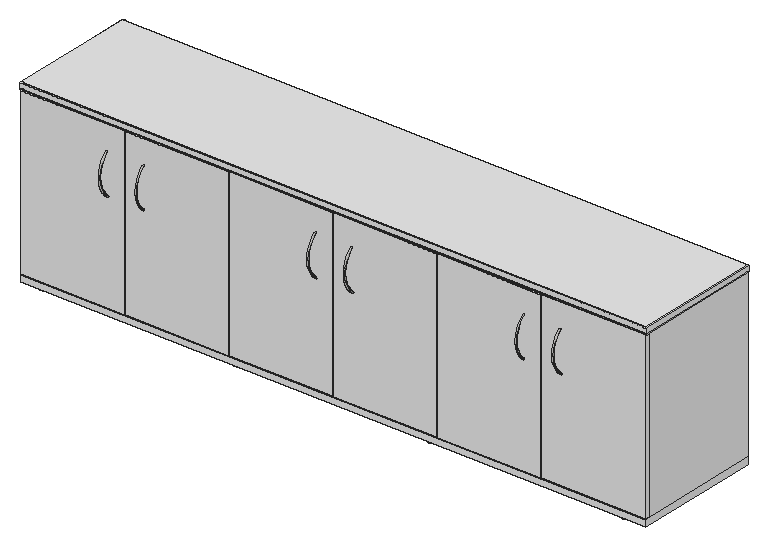
Revit family "Furniture_Storage_Spacestor_Forte Credenza", category Generic Models, Revit 2015
Parameters (values of type "6-door - 2442w x 500d x 700h")
  Width = if([3 door], (814 mm * Door Number + 407 mm), (814 mm * Door Number))  # 2442 mm
  Spacestor_Forte Credenza_Handle = Spacestor Polished Steel
  Spacestor_Forte Credenza_Foot = Spacestor Gray Plastic
  Spacestor_Forte Credenza_Casework = Spacestor White
  Foot Number = Door Number + 1  # 4
  Foot Centres = if(([3 door]), 1106 mm, (if(Door Number = 1, 700 mm, 758 mm)))  # 758 mm
  Door Number = 3
  3 door = no
Types (4, lengths in mm): name | Width | Spacestor_Forte Credenza_Handle | Spacestor_Forte Credenza_Foot | Foot Number | Foot Centres | Door Number | 3 door
  2-door - 814w x 500d x 700h | 814 | none | none | 2 | 700 | 1 | no
  4-door - 1628w x 500d x 700h | 1628 | none | none | 3 | 758 | 2 | no
  6-door - 2442w x 500d x 700h | 2442 | Spacestor Polished Steel | Spacestor Gray Plastic | 4 | 758 | 3 | no
  3-door - 1220w x 500d x 700h | 1221 | none | none | 2 | 1106 | 1 | yes
Reference planes
  plane 1 "Center (Front/Back)": y = 0
  plane 2: z = 0
  plane 3 "Center (Left/Right)": x = 0
Lines and regions (mm)
  Masking region 1, detail levels coarse+medium
    outline origin (0, 0, 0) x (1, 0, 0) y (0, 1, 0)
      loop
        line (-0.004, -0.004) -> (2442.004, -0.004) -> (2442.004, 494.004) -> (-0.004, 494.004) -> (-0.004, -0.004)
Dimensions and locks
  locked: nested 1 to nested 2 at 3
  locked: nested 2 to plane 3 "Center (Left/Right)" at 1.5
  nested 1 to nested 3 = 60 mm
  aligned and locked: level to plane 2
  aligned and locked: Masking region 1 sketch curve to nested 1  (x4)
Nested families
  nested 1: "Furniture_Storage_Spacestor_Forte Credenza - Cupboard Section" at (0, 0, 22), type "Furniture_Storage_Spacestor_Forte Credenza - Cupboard Section"
  nested 2: "Furniture_Storage_Spacestor_Forte Credenza - Door Assy" at (1.5, -2, 50), type "Furniture_Storage_Spacestor_Forte Credenza - Door Assy"
  nested 3: "Family11" at (0, 0, 0), type "Family11"
Definition of nested family "Furniture_Storage_Spacestor_Forte Credenza - Cupboard Section"
  Parameters (values of type "Furniture_Storage_Spacestor_Forte Credenza - Cupboard Section")
    Width = 2442 mm
    Top Width = Width + 4 mm  # 2446 mm
    Top Depth = Depth + 2 mm  # 498 mm
    Spacestor White = none
    Side Depth = Depth - 16 mm  # 480 mm
    Depth = 496 mm
  Reference planes
    plane 1 "Center (Front/Back)": y = 0
    plane 2: z = 0
    plane 3 "Center (Left/Right)": x = 0
  Dimensions and locks
    locked: nested 3 to nested 1
    locked: nested 2 to nested 3
    nested 3 to plane 3 "Center (Left/Right)" = 2 mm
    nested 3 to plane 1 "Center (Front/Back)" = 2 mm
    aligned and locked: level to plane 2
  Nested families
    nested 1: "Furniture_Storage_Spacestor_Forte Credenza - Side+Back" at (0, 16, 25), type "Furniture_Storage_Spacestor_Forte Credenza - Side+Back"
    nested 2: "Furniture_Storage_Spacestor_Forte Credenza - Base" at (0, 0, 0), type "Furniture_Storage_Spacestor_Forte Credenza - Base"
    nested 3: "Furniture_Storage_Spacestor_Forte Credenza - Top" at (-2, -2, 673), type "Furniture_Storage_Spacestor_Forte Credenza - Top"
  Definition of nested family "Furniture_Storage_Spacestor_Forte Credenza - Side+Back"
    Parameters (values of type "Furniture_Storage_Spacestor_Forte Credenza - Side+Back")
      Width = 2442 mm
      Spacestor White = none
      Height = 1140 mm
      Depth = 480 mm
    Reference planes
      plane 1 "Center (Front/Back)": y = 0
      plane 2: z = 0
      plane 3 "Center (Left/Right)": x = 0
    Forms (mm)
      Extrusion 1, solid, material <- "Spacestor White"
        sketch origin (0, 0, 0) x (1, 0, 0) y (0, 1, 0)
          loop
            line (0, 0) -> (18, 0) -> (18, 462) -> (2424, 462) -> (2424, 0) -> (2442, 0) -> (2442, 480) -> (0, 480) -> (0, 0)
        from 0 to 648
    Dimensions and locks
      locked: Extrusion 1 sketch curve to Extrusion 1 sketch curve at 18  (x3)
      "Depth": plane 1 "Center (Front/Back)" to Extrusion 1 sketch curve
      "Width": plane 3 "Center (Left/Right)" to Extrusion 1 sketch curve
      aligned and locked: level to plane 2
    Automatic sketch dimensions
      Extrusion 1 sketch curve to plane 3 "Center (Left/Right)" = 0 mm
      plane 1 "Center (Front/Back)" to Extrusion 1 sketch curve = 0 mm  (x2)
  Definition of nested family "Furniture_Storage_Spacestor_Forte Credenza - Base"
    Parameters (values of type "Furniture_Storage_Spacestor_Forte Credenza - Base")
      Width = 2442 mm
      Spacestor White = none
      Depth = 496 mm
    Reference planes
      plane 1 "Center (Front/Back)": y = 0
      plane 2: z = 0
      plane 3 "Center (Left/Right)": x = 0
    Forms (mm)
      Extrusion 1, solid, material <- "Spacestor White"
        sketch origin (0, 0, 0) x (1, 0, 0) y (0, 1, 0)
          loop
            line (0, 0) -> (2442, 0) -> (2442, 496) -> (0, 496) -> (0, 0)
        from 0 to 25
    Dimensions and locks
      "Width": plane 3 "Center (Left/Right)" to Extrusion 1 sketch curve
      "Depth": plane 1 "Center (Front/Back)" to Extrusion 1 sketch curve
      aligned and locked: level to plane 2
    Automatic sketch dimensions
      Extrusion 1 sketch curve to plane 3 "Center (Left/Right)" = 0 mm
      plane 1 "Center (Front/Back)" to Extrusion 1 sketch curve = 0 mm
  Definition of nested family "Furniture_Storage_Spacestor_Forte Credenza - Top"
    Parameters (values of type "Furniture_Storage_Spacestor_Forte Credenza - Top")
      Width = 2446 mm
      Spacestor White = none
      Depth = 498 mm
    Reference planes
      plane 1 "Center (Front/Back)": y = 0
      plane 2: z = 0
      plane 3 "Center (Left/Right)": x = 0
    Forms (mm)
      Extrusion 1, solid, material <- "Spacestor White"
        sketch origin (0, 0, 0) x (1, 0, 0) y (0, 1, 0)
          loop
            line (0, 0) -> (2446, 0) -> (2446, 498) -> (0, 498) -> (0, 0)
        from 0 to 25
      Sweep 2, void
        path in 3D
          loop
            line (0, 498, 25) -> (0, 0, 25) -> (2446, 0, 25) -> (2446, 498, 25) -> (0, 498, 25)
        profile origin (1223, 498, 25) x (0, -1, 0) y (0, 0, 1)
          loop
            line (0, -23) -> (0, -25) -> (2, -25)
            arc (2, -25) -> (0.586, -24.414) -> (0, -23) r 2
          loop
            line (2, 0) -> (0, 0) -> (0, -2)
            arc (0, -2) -> (0.586, -0.586) -> (2, 0) r 2
    Cuts and joins
      Sweep 2 cuts Extrusion 1
    Lines and regions (mm)
      sketch lines
        curve 1: line (2446, 498, 25) -> (0, 498, 25)
        curve 2: line (0, 498, 25) -> (0, 0, 25)
        curve 3: line (0, 0, 25) -> (2446, 0, 25)
        curve 4: line (2446, 0, 25) -> (2446, 498, 25)
    Dimensions and locks
      "Width": plane 3 "Center (Left/Right)" to Extrusion 1 sketch curve
      "Depth": plane 1 "Center (Front/Back)" to Extrusion 1 sketch curve
      aligned and locked: level to plane 2
    Automatic sketch dimensions
      Sweep 2 sketch curve to profile plane = 0 mm  (x6)
      Sweep 2 sketch curve to profile plane = 2 mm  (x2)
      Sweep 2 sketch curve to Sweep 2 sketch curve = 21 mm
      Sweep 2 sketch curve to Sweep 2 sketch curve = 0 mm  (x4)
      Sweep 2 sketch curve to Sweep 2 sketch curve = 2 mm
      Extrusion 1 sketch curve to plane 3 "Center (Left/Right)" = 0 mm
      plane 1 "Center (Front/Back)" to Extrusion 1 sketch curve = 0 mm
Definition of nested family "Furniture_Storage_Spacestor_Forte Credenza - Door Assy"
  Parameters (values of type "Furniture_Storage_Spacestor_Forte Credenza - Door Assy")
    Spacestor_Forte Credenza_Handle = none
    Spacestor White = none
    Door Width = 404 mm
    Door Single = Door Number < 2  # no
    Door Number Data = if(Door Number < 2, 2, Door Number)  # 3
    Door Number = 3
    Door Multi = Door Number > 1  # yes
    Door Height = 642 mm
    3 Door = no
  Reference planes
    plane 1 "Center (Front/Back)": y = 0
    plane 2: z = 0
    plane 3 "Center (Left/Right)": x = 0
  Dimensions and locks
    locked: nested 1 to nested 2 at 3
    locked: nested 1 to plane 3 "Center (Left/Right)" at 0
    locked: nested 3 to nested 4 at 3
    equal spacing: group 1, group 2, group 3  (x3)
    locked: nested 5 to nested 6 at 3
    locked: nested 8 to nested 9 at 3
    aligned and locked: level to plane 2
  Nested families
    nested 1: "Furniture_Storage_Spacestor_Forte Credenza - Door" at (404, 0, 0), visible <- "Door Multi", type "Furniture_Storage_Spacestor_Forte Credenza - Door"
    nested 2: "Furniture_Storage_Spacestor_Forte Credenza - Door" at (407, 0, 0) x (-1, 0, 0) z (0, 0, 1), visible <- "Door Multi", type "Furniture_Storage_Spacestor_Forte Credenza - Door"
    nested 3: "Furniture_Storage_Spacestor_Forte Credenza - Door" at (1218, 0, 0), visible <- "Door Multi", type "Furniture_Storage_Spacestor_Forte Credenza - Door"
    nested 4: "Furniture_Storage_Spacestor_Forte Credenza - Door" at (1221, 0, 0) x (-1, 0, 0) z (0, 0, 1), visible <- "Door Multi", type "Furniture_Storage_Spacestor_Forte Credenza - Door"
    nested 5: "Furniture_Storage_Spacestor_Forte Credenza - Door" at (404, 0, 0), visible <- "Door Single", type "Furniture_Storage_Spacestor_Forte Credenza - Door"
    nested 6: "Furniture_Storage_Spacestor_Forte Credenza - Door" at (407, 0, 0) x (-1, 0, 0) z (0, 0, 1), visible <- "Door Single", type "Furniture_Storage_Spacestor_Forte Credenza - Door"
    nested 7: "Furniture_Storage_Spacestor_Forte Credenza - Door" at (814, 0, 0) x (-1, 0, 0) z (0, 0, 1), visible <- "3 Door", type "Furniture_Storage_Spacestor_Forte Credenza - Door"
    nested 8: "Furniture_Storage_Spacestor_Forte Credenza - Door" at (2032, 0, 0), visible <- "Door Multi", type "Furniture_Storage_Spacestor_Forte Credenza - Door"
    nested 9: "Furniture_Storage_Spacestor_Forte Credenza - Door" at (2035, 0, 0) x (-1, 0, 0) z (0, 0, 1), visible <- "Door Multi", type "Furniture_Storage_Spacestor_Forte Credenza - Door"
  Definition of nested family "Furniture_Storage_Spacestor_Forte Credenza - Door"
    Parameters (values of type "Furniture_Storage_Spacestor_Forte Credenza - Door")
      Spacestor_Forte Credenza_Handle = none
      Spacestor White = none
      Door Width = 404 mm
      Door Height = 642 mm
    Reference planes
      plane 1 "Center (Front/Back)": y = 0
      plane 2: z = 0
      plane 3 "Center (Left/Right)": x = 0
      plane 4: x = -70
    Forms (mm)
      Extrusion 1, solid, material <- "Spacestor White"
        sketch origin (0, 0, 0) x (1, 0, 0) y (0, 0, 1)
          loop
            line (0, 0) -> (0, 642) -> (-404, 642) -> (-404, 0) -> (0, 0)
        from 0 to 18
      Sweep 2, solid, material <- "Spacestor_Forte Credenza_Handle"
        path origin (-70, 613.805, 1200) x (0, 1, 0) y (0, 0, 1)
          loop
            arc (-622.805, -645.315) -> (-577.751, -730.152) -> (-622.805, -814.989) r 102.402
        profile origin (-70, 36.053, 469.848) x (1, 0, 0) y (0, 1, 0)
          loop
            circle (0, 0) r 2.5
    Lines and regions (mm)
      symbolic lines, detail levels coarse+medium
        curve 1: arc (-0.401, 0, 0) -> (-16.193, 95.232, 0) -> (-54.126, 184, 0) r 404
        curve 2: line (-372.823, 0, 0) -> (-54.126, 184, 0)
      symbolic lines
        curve 3: line (-404, -18, 0) -> (0, -18, 0)
    Dimensions and locks
      "Door Height": plane 2 to Extrusion 1 sketch curve
      "Door Width": plane 3 "Center (Left/Right)" to Extrusion 1 sketch curve
      plane 4 to plane 3 "Center (Left/Right)" = 70 mm
      angle Extrusion 1 to curve 2 = 30.00°
      aligned and locked: level to plane 2
    Automatic sketch dimensions
      Sweep 2 sketch curve to plane 4 = 0 mm
      profile plane to Sweep 2 sketch curve = 0 mm
      plane 1 "Center (Front/Back)" to Sweep 2 sketch curve = 9 mm  (x2)
      plane 1 "Center (Front/Back)" to Sweep 2 sketch curve = 66.348 mm
      level to Sweep 2 sketch curve = 469.848 mm
      Sweep 2 sketch curve to Sweep 2 sketch curve = 84.837 mm
      curve 1 to plane 3 "Center (Left/Right)" = 0.401 mm
      plane 4 to curve 2 = 15.874 mm
      plane 1 "Center (Front/Back)" to curve 1 = 18 mm
      curve 3 to curve 1 = 0 mm
      curve 3 to plane 3 "Center (Left/Right)" = 0 mm
      plane 1 "Center (Front/Back)" to curve 2 = 0 mm
      plane 1 "Center (Front/Back)" to curve 3 = 18 mm
      plane 1 "Center (Front/Back)" to curve 1 = 0 mm
      Extrusion 1 sketch curve to plane 3 "Center (Left/Right)" = 0 mm
      Extrusion 1 sketch curve to level = 0 mm
      radius of Sweep 2 sketch curve = 2.5 mm
Definition of nested family "Family11"
  Parameters (values of type "Family11")
    foot Number = 4
    Spacestor_Forte Credenza_Foot = none
    Foot Centres = 758 mm
  Reference planes
    plane 1 "Center (Front/Back)": y = 0
    plane 2: z = 0
    plane 3 "Center (Left/Right)": x = 0
  Forms (mm)
    Extrusion 1, solid, material <- "Spacestor_Forte Credenza_Foot"
      sketch origin (0, 0, 0) x (1, 0, 0) y (0, 1, 0)
        loop
          circle (56, 56) r 30
      from 0 to 22
    Extrusion 2, solid
      sketch origin (0, 380, 0) x (1, 0, 0) y (0, 1, 0)
        loop
          circle (56, 56) r 30
      from 0 to 22
    Extrusion 3, solid, material <- "Spacestor_Forte Credenza_Foot"
      sketch origin (758, 0, 0) x (1, 0, 0) y (0, 1, 0)
        loop
          circle (56, 56) r 30
      from 0 to 22
    Extrusion 4, solid
      sketch origin (758, 380, 0) x (1, 0, 0) y (0, 1, 0)
        loop
          circle (56, 56) r 30
      from 0 to 22
    Extrusion 5, solid, material <- "Spacestor_Forte Credenza_Foot"
      sketch origin (1516, 0, 0) x (1, 0, 0) y (0, 1, 0)
        loop
          circle (56, 56) r 30
      from 0 to 22
    Extrusion 6, solid
      sketch origin (1516, 380, 0) x (1, 0, 0) y (0, 1, 0)
        loop
          circle (56, 56) r 30
      from 0 to 22
    Extrusion 7, solid, material <- "Spacestor_Forte Credenza_Foot"
      sketch origin (2274, 0, 0) x (1, 0, 0) y (0, 1, 0)
        loop
          circle (56, 56) r 30
      from 0 to 22
    Extrusion 8, solid
      sketch origin (2274, 380, 0) x (1, 0, 0) y (0, 1, 0)
        loop
          circle (56, 56) r 30
      from 0 to 22
  Dimensions and locks
    equal spacing: group 1, group 2, group 3, group 4  (x3)
    "Foot Centres": Extrusion 2 to Extrusion 4
    aligned and locked: level to plane 2
